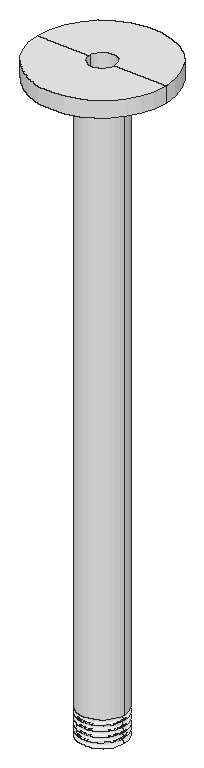
Revit family "xShower_Arm-American_Standard-Rain-1660.190", category Plumbing Fixtures, Revit 2014
Parameters (values of type "1660.190")
  Width = 7/8"  # constant formula
  Water Connection Radius = 1/4"  # constant formula
  Water Connection Diameter = 1/2"  # constant formula
  Waste Connection = no
  Warranty Information = "One Year General Product Warranty"  # constant formula
  WFU = 4  # constant formula
  Vent Connection = no
  URL = "https://www.americanstandard-us.com/"
  Product Page URL = "https://www.americanstandard-us.com/bathroom/shower-faucets/ceiling-mount-shower-arm-27348"
  Product Documentation Link = "https://www.americanstandard-us.com/-/media/sites/asus/files/product-specs/bulk/specsheet1660190.pdf?la=en"
  Price = "Prices may vary. Please consult Manufacturer Representative for most up-to-date price list."  # constant formula
  Model = "1660.190"  # constant formula
  Material = "Brass-American Standard-002-Polished Chrome"
  Manufacturer = "American Standard"  # constant formula
  Length = 2 1/2"  # constant formula
  Installation Type = "Ceiling Mounted"  # constant formula
  Height = 11 3/4"
  HWFU = 3  # constant formula
  HW Connection = yes
  Finish = Brass-American Standard-002-Polished Chrome
  Description = "12\" Ceiling Mount Shower Arm"
  Default Elevation = 0"
  Creation Date = "01/25/2018"  # constant formula
  CWFU = 3  # constant formula
  CW Connection = yes
  Assembly Code = "D2010710"
Reference planes (in)
  plane 1 "Center (Front/Back)": y = 0
  plane 2: z = 0
  plane 3 "Center (Left/Right)": x = 0
  plane 4: x = 1.25
  plane 5: x = -1.25
  plane 6: x = 0.25
  plane 7: x = -0.25
  plane 8: z = -11.75
  plane 9: x = 0.4375
  plane 10: x = -0.4375
Forms (in)
  Revolve 1, solid, material "Brass-American Standard-002-Polished Chrome" <- "Finish"
    sketch origin (0, 0, 0) x (1, 0, 0) y (0, 0, 1)
      loop
        line (0.25, 0) -> (0.25, -11.75) -> (0.4375, -11.75)
        arc (0.4375, -11.75) -> (0.3875, -11.7) -> (0.4375, -11.65) r 0.05
        arc (0.4375, -11.65) -> (0.3875, -11.6) -> (0.4375, -11.55) r 0.05
        arc (0.4375, -11.55) -> (0.3875, -11.5) -> (0.4375, -11.45) r 0.05
        arc (0.4375, -11.45) -> (0.3875, -11.4) -> (0.4375, -11.35) r 0.05
        arc (0.4375, -11.35) -> (0.3875, -11.3) -> (0.4375, -11.25) r 0.05
        line (0.4375, -11.25) -> (0.4375, -0.3) -> (1.25, -0.3) -> (1.25, 0) -> (0.25, 0)
      axis (0, 0) -> (0, -11.75)
    angle from 0 to 360
Lines and regions (in)
  Masking region 1
    outline origin (0, 0, 0) x (1, 0, 0) y (0, 1, 0)
      loop
        circle (0, 0) r 1.25
  symbolic lines, detail levels medium+fine
    curve 1: circle (0, 0, 0) r 0.25 normal (0, 0, 1)
Dimensions and locks (in)
  "Width": plane 9 to plane 10
  "Length": plane 4 to plane 5
  "Height": plane 2 to plane 8
  aligned and locked: plane 8 to Revolve 1
  aligned and locked: Revolve 1 sketch curve to plane 9
  aligned and locked: plane 6 to Revolve 1 sketch curve
  aligned and locked: Masking region 1 sketch curve to Revolve 1
Automatic sketch dimensions
  Revolve 1 sketch curve to plane 3 "Center (Left/Right)" = 0"
  Revolve 1 sketch curve to level = 0"
  Revolve 1 sketch curve to plane 4 = 0"
  Revolve 1 sketch curve to plane 8 = 0"
  Revolve 1 sketch curve to Revolve 1 sketch curve = 0.05"  (x2)
  Revolve 1 sketch curve to Revolve 1 sketch curve = 0.1"  (x3)
  Revolve 1 sketch curve to level = 0.3"
  Revolve 1 sketch curve to Revolve 1 sketch curve = 0"  (x3)
  level to Revolve 1 sketch curve = 0.33886"
  Revolve 1 sketch curve to Revolve 1 sketch curve = 0.41114"
  Revolve 1 sketch curve to plane 9 = 0"  (x4)
Connectors (in)
  piping at (0, 0, 0), diameter 0.5, driven by "Water Connection Diameter"
    settings: on Revolve 1, index 1, connector inside diameter 24", connector length 0", flow factor 0, pipe flow 0 GPM, pressure drop 0.00 psi, fitting loss kfactor 0, connector angle 0.00°, fixture units 0, engagement length 0", angle of deflection 0.00°, flow configuration 0, flow direction 1, fitting loss method 0, system type 29, joint type 0, gender type 0, connector reference index -1, connector utility 0, adjustable connector no, is connector primary yes, connector description "1/2\" NPT Supply Inlet"
